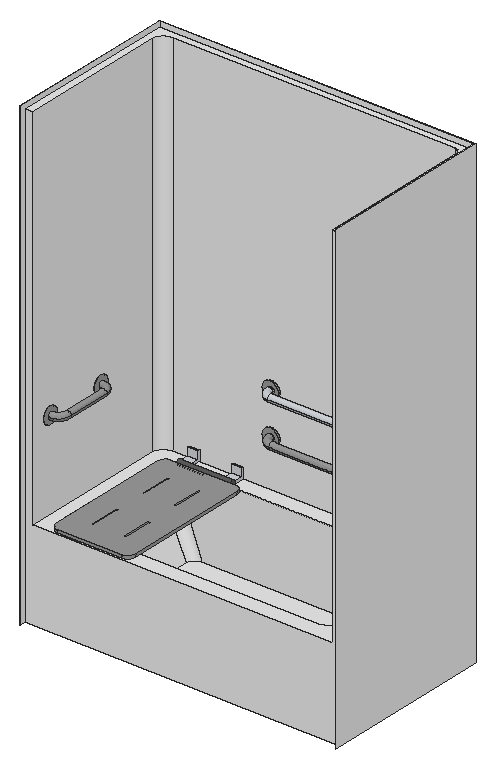
Revit family "XSTS6032A17", category Plumbing Fixtures, Revit 2017
Family settings
  Round Connector Dimension = Use Diameter
  Part Type = Normal
  OmniClass Number = 23.45.05.14.17
  OmniClass Title = Showers
  Work Plane-Based = No
  Always vertical = Yes
  Cut with Voids When Loaded = No
  Shared = No
  Room Calculation Point = No
Parameters (values of type "XSTS6032A17")
  Unit Width = 60"
  Unit Height = 88 1/4"
  URL = "http://www.bestbath.com"
  Type Comments = "ADA Compliant"
  Threshold Height = 17"
  Model = "XSTS6032A17"
  Material [instance] = Best Bath Gelcoat Fiberglass - Smooth
  Manufacturer = "best bath"
  Keynote = "22 40 00.D3"
  Description = "Smooth Wall Finish"
  Assembly Code = "D2010700"
Reference planes (in)
  plane 1 "Back": y = -1
  plane 2: z = 0
  plane 3 "Left": x = 0
  plane 4: x = 60
  plane 5: y = -33
  plane 6: z = 87.25
  plane 7: z = 88.25
  plane 8: x = 52
  plane 9: z = 17
  plane 10: y = -17
  plane 11: y = -2.5
  plane 12: x = 10
  plane 13: x = 53.5
  plane 14: y = -5.5
  plane 15: y = -28
  plane 16: y = -5.5
  plane 17: y = -30
  plane 18: x = 3.5
  plane 19: x = 56
  plane 20: z = 26
  plane 21: z = 34
  plane 22: z = 39
  plane 23: y = -34
Forms (in)
  Extrusion 1, solid, material "Best Bath Gelcoat Fiberglass - Smooth"
    sketch origin (0, 0, 0) x (1, 0, 0) y (0, 1, 0)
      loop
        line (58.5, -33) -> (60, -33) -> (60, -1) -> (0, -1) -> (0, -33) -> (1.5, -33) -> (1.5, -4.75)
        arc (1.5, -4.75) -> (2.15901, -3.15901) -> (3.75, -2.5) r 2.25
        line (3.75, -2.5) -> (57.25, -2.5)
        arc (57.25, -2.5) -> (58.13388, -2.86612) -> (58.5, -3.75) r 1.25
        line (58.5, -3.75) -> (58.5, -33)
    from 0 to 87.25
  Extrusion 2, solid, material "Best Bath Gelcoat Fiberglass - Smooth"
    sketch origin (0, 0, 0) x (1, 0, 0) y (0, 1, 0)
      loop
        line (0, -33) -> (60, -33) -> (60, -1) -> (0, -1) -> (0, -33)
      loop
        circle (52, -17) r 1
    from 0 to 17
  Blend 3, void
    base sketch origin (0, 0, 0) x (1, 0, 0) y (0, 1, 0)
      loop
        arc (11.65, -5.5) -> (10.48327, -5.98327) -> (10, -7.15) r 1.65
        line (10, -7.15) -> (10, -25.75)
        arc (10, -25.75) -> (10.65901, -27.34099) -> (12.25, -28) r 2.25
        line (12.25, -28) -> (51.25, -28)
        arc (51.25, -28) -> (52.84099, -27.34099) -> (53.5, -25.75) r 2.25
        line (53.5, -25.75) -> (53.5, -7.15)
        arc (53.5, -7.15) -> (53.01673, -5.98327) -> (51.85, -5.5) r 1.65
        line (51.85, -5.5) -> (11.65, -5.5)
    top sketch origin (0, 0, 0) x (1, 0, 0) y (0, 1, 0)
      loop
        arc (5.75, -5.5) -> (4.15901, -6.15901) -> (3.5, -7.75) r 2.25
        line (3.5, -7.75) -> (3.5, -27.75)
        arc (3.5, -27.75) -> (4.15901, -29.34099) -> (5.75, -30) r 2.25
        line (5.75, -30) -> (53.75, -30)
        arc (53.75, -30) -> (55.34099, -29.34099) -> (56, -27.75) r 2.25
        line (56, -27.75) -> (56, -7.75)
        arc (56, -7.75) -> (55.34099, -6.15901) -> (53.75, -5.5) r 2.25
        line (53.75, -5.5) -> (5.75, -5.5)
    from 2.23617 to 18
  Extrusion 4, solid, material "Best Bath Gelcoat Fiberglass - Smooth"
    sketch origin (0, 0, 0) x (1, 0, 0) y (0, 1, 0)
      loop
        line (0, -34) -> (0.125, -34) -> (0.125, -1.125) -> (59.875, -1.125) -> (59.875, -34) -> (60, -34) -> (60, -1) -> (0, -1) -> (0, -34)
    from 0 to 88.25
Cuts and joins
  Blend 3 cuts Extrusion 2
  joined: Extrusion 1, Extrusion 2, Extrusion 4
Dimensions and locks (in)
  "Unit Width": plane 3 "Left" to plane 4
  locked: plane 7 to plane 6 at 1
  "Unit Height": plane 7 to level
  plane 3 "Left" to plane 8 to plane 4 = 52", 8"
  plane 10 to plane 1 "Back" = 16"
  locked: plane 13 to plane 4 at 6.5
  locked: plane 15 to plane 5 at 5
  locked: plane 3 "Left" to plane 12 at 10
  Extrusion 1 to plane 14 = 4 1/2"
  locked: plane 16 to plane 1 "Back" at 4.5
  locked: plane 17 to plane 5 at 3
  locked: plane 19 to plane 4 at 4
  locked: plane 3 "Left" to plane 18 at 3.5
  "Threshold Height": plane 9 to level
  plane 20 to plane 9 = 9"
  plane 21 to plane 9 = 17"
  plane 22 to plane 9 = 22"
  locked: plane 5 to plane 23 at 1
  locked: plane 23 to plane 1 "Back" at 33
  locked: plane 11 to plane 1 "Back" at 1.5
  radius of Blend 3 sketch curve = 1.65"  (x2)
  radius of Blend 3 sketch curve = 2 1/4"  (x2)
  aligned and locked: level to plane 2
  aligned and locked: plane 6 to Extrusion 1
  aligned and locked: Extrusion 1 sketch curve to plane 4
  aligned and locked: plane 5 to Extrusion 1 sketch curve
  aligned and locked: Extrusion 1 sketch curve to plane 5
  aligned and locked: Extrusion 2 sketch curve to Extrusion 1  (x3)
  aligned and locked: Extrusion 2 sketch curve to plane 1 "Back"
  aligned and locked: plane 10 to Extrusion 2 sketch curve
  aligned and locked: plane 8 to Extrusion 2 sketch curve
  aligned and locked: plane 15 to Blend 3 sketch curve
  aligned and locked: Blend 3 sketch curve to plane 14
  aligned and locked: Blend 3 sketch curve to plane 13
  aligned and locked: plane 12 to Blend 3 sketch curve
  aligned and locked: plane 18 to Blend 3 sketch curve
  aligned and locked: Blend 3 sketch curve to plane 19
  aligned and locked: plane 17 to Blend 3 sketch curve
  aligned and locked: Blend 3 sketch curve to plane 16
  aligned and locked: plane 9 to cut or joined group of Extrusion 1, Extrusion 2, Blend 3, Extrusion 4
  aligned and locked: nested 1 to plane 21
  aligned and locked: plane 20 to nested 3
  aligned and locked: plane 22 to nested 4
  aligned and locked: cut or joined group of Extrusion 1, Extrusion 2, Blend 3, Extrusion 4 to plane 11
  aligned and locked: cut or joined group of Extrusion 1, Extrusion 2, Blend 3, Extrusion 4 to plane 5
  aligned and locked: cut or joined group of Extrusion 1, Extrusion 2, Blend 3, Extrusion 4 to plane 1 "Back"
  aligned and locked: plane 7 to Extrusion 4
Automatic sketch dimensions
  plane 18 to Blend 3 sketch curve = 2 1/4"  (x2)
  plane 17 to Blend 3 sketch curve = 2 1/4"
  Blend 3 sketch curve to plane 19 = 2 1/4"
  Extrusion 1 sketch curve to plane 3 "Left" = 0"
  Extrusion 1 sketch curve to plane 11 = 0"
  plane 1 "Back" to Extrusion 1 sketch curve = 0"
  plane 3 "Left" to Extrusion 1 sketch curve = 1 1/2"
  Extrusion 1 sketch curve to Extrusion 1 sketch curve = 2 1/4"
  Extrusion 1 sketch curve to plane 8 = 5 1/4"
  plane 4 to Extrusion 1 sketch curve = 1 1/2"
  Extrusion 4 sketch curve to plane 3 "Left" = 0"
  Extrusion 4 sketch curve to plane 23 = 0"  (x2)
  Extrusion 4 sketch curve to plane 4 = 0"
  plane 3 "Left" to Extrusion 4 sketch curve = 1/8"
  Extrusion 4 sketch curve to Extrusion 4 sketch curve = 1/8"
  plane 1 "Back" to Extrusion 4 sketch curve = 1/8"
  plane 1 "Back" to Extrusion 4 sketch curve = 0"
  radius of Extrusion 2 sketch curve = 1"
Nested families (in)
  nested 1: "Grab Bar - L shape" at (58.5, -2.5, -2.97512) x (-1, 0, 0) z (0, 0, 1), type "27" x 36" x 1.25""
    with Double Anchor Bar Length 36"
  nested 2: "Grab Bar - horiz" at (1.5, -29, -0.625) x (0, 1, 0) z (0, 0, 1), type "12" x 1.25""
  nested 3: "Grab Bar - horiz" at (22.5, -2.5, -8.625), type "24" x 1.25""
    with Grab Bar Size 24"
  nested 4: "Grab Bar - vertical" at (58.5, -29, -0.625) x (0, -1, 0) z (0, 0, 1), type "18" x 1.25""
  nested 5: "ADA Shower Seat" at (21.75, -19, -1.125) x (0, -1, 0) z (0, 0, 1), type "SE3015PHSO"
Definition of nested family "Grab Bar - L shape"
  Parameters
    Single Anchor Bar Length = 27"
    Mounting Height = 39"
    URL = "http://seachrome.com/"
    Threshold Height = 2.02488"
    Model = "GB2748QSS"
    Manufacturer = "Seachrome Corp."
    Keynote = "10 28 00.C1"
    Double Anchor Bar Length = 48"
    Description = "27\" x 48\" x 1.25\" L Grab Bar"
    Assembly Code = "C1030200"
  Reference planes (in)
    plane 1 "Center (Front/Back)": y = 0
    plane 2: z = 0
    plane 3 "Center (Left/Right)": x = 0
    plane 4: z = 36.97512
    plane 5: z = -2.02488
    plane 6: y = -2.125
    plane 7: x = 2.125
    plane 8: x = 6
    plane 9: x = 48
    plane 10: y = -27
  Forms (in)
    Extrusion 1, solid
      sketch origin (0, 0, 0) x (1, 0, 0) y (0, 0, 1)
        loop
          circle (6, 36.97512) r 1.5625
        loop
          circle (48, 36.97512) r 1.5625
      from 0 to 0.25
    Extrusion 2, solid
      sketch origin (0, 0, 0) x (0, 1, 0) y (0, 0, 1)
        loop
          circle (-27, 36.97512) r 1.5
      from 0 to 0.25
    Sweep 3, solid
      path origin (0, 0, 0) x (1, 0, 0) y (0, 1, 0)
        loop
          line (0.25, -27) -> (0.625, -27)
          arc (0.625, -27) -> (1.68566, -26.56066) -> (2.125, -25.5) r 1.5
          line (2.125, -25.5) -> (2.125, -3.625)
          arc (2.125, -3.625) -> (2.56434, -2.56434) -> (3.625, -2.125) r 1.5
          line (3.625, -2.125) -> (46.5, -2.125)
          arc (46.5, -2.125) -> (47.56066, -1.68566) -> (48, -0.625) r 1.5
          line (48, -0.625) -> (48, -0.25)
      profile origin (0.4375, -27, 0) x (0, 1, 0) y (0, 0, 1)
        loop
          circle (0, 36.98831) r 0.625
    Sweep 4, solid
      path origin (0, 0, 0) x (1, 0, 0) y (0, 1, 0)
        loop
          line (6, -0.25) -> (6, -2.125)
      profile origin (6, -1.1875, 0) x (1, 0, 0) y (0, 0, 1)
        loop
          circle (0, 36.98831) r 0.62
  Dimensions and locks (in)
    "Threshold Height": level to plane 5
    "Mounting Height": plane 4 to plane 5
    locked: plane 3 "Center (Left/Right)" to plane 7 at 2.125
    locked: plane 3 "Center (Left/Right)" to plane 8 at 6
    locked: plane 6 to plane 1 "Center (Front/Back)" at 2.125
    "Double Anchor Bar Length": plane 3 "Center (Left/Right)" to plane 9
    "Single Anchor Bar Length": plane 10 to plane 1 "Center (Front/Back)"
    plane 4 to plane 5 = 39"
    level to plane 5 = 2.02488"
    aligned and locked: level to plane 2
    aligned and locked: plane 8 to Extrusion 1 sketch curve
    aligned and locked: plane 4 to Extrusion 1 sketch curve
    aligned and locked: plane 9 to Extrusion 1 sketch curve
    aligned and locked: plane 10 to Extrusion 2 sketch curve
    aligned and locked: plane 4 to Extrusion 2 sketch curve
  Automatic sketch dimensions
    Extrusion 1 sketch curve to plane 4 = 0"
    Sweep 3 sketch curve to plane 10 = 0"
    Sweep 3 sketch curve to plane 7 = 0"
    Sweep 3 sketch curve to plane 6 = 0"
    Sweep 3 sketch curve to plane 9 = 0"
    plane 3 "Center (Left/Right)" to Sweep 3 sketch curve = 5/8"
    Sweep 3 sketch curve to plane 6 = 1 1/2"
    plane 1 "Center (Front/Back)" to Sweep 3 sketch curve = 5/8"
    plane 3 "Center (Left/Right)" to Sweep 3 sketch curve = 1/4"
    plane 1 "Center (Front/Back)" to Sweep 3 sketch curve = 1/4"
    Sweep 3 sketch curve to profile plane = 0"
    level to Sweep 3 sketch curve = 36.98831"
    Sweep 4 sketch curve to plane 6 = 0"
    Sweep 4 sketch curve to plane 8 = 0"
    plane 1 "Center (Front/Back)" to Sweep 4 sketch curve = 1/4"
    profile plane to Sweep 4 sketch curve = 0"
    level to Sweep 4 sketch curve = 36.98831"
    radius of Extrusion 1 sketch curve = 1 9/16"  (x2)
    radius of Extrusion 2 sketch curve = 1 1/2"
    radius of Sweep 3 sketch curve = 5/8"
    radius of Sweep 4 sketch curve = 0.62"
Definition of nested family "Grab Bar - horiz"
  Parameters
    Grab Bar Size = 12"
    URL = "http://seachrome.com/"
    Threshold Height = 5/8"
    Mounting Height = 34"
    Model = "GB12QSS"
    Manufacturer = "Seachrome Corp."
    Keynote = "10 28 00.C1"
    Description = "18\" x 1.25\" grab bar"
    Assembly Code = "C1030200"
  Reference planes (in)
    plane 1 "Center (Front/Back)": y = 0
    plane 2: z = 0
    plane 3 "Center (Left/Right)": x = 0
    plane 4: z = 34.625
    plane 5: z = 0.625
    plane 6: x = 12
  Forms (in)
    Extrusion 1, solid
      sketch origin (0, 0, 0) x (1, 0, 0) y (0, 0, 1)
        loop
          circle (0, 34.625) r 1.5625
        loop
          circle (12, 34.625) r 1.5625
      from 0 to 0.25
    Sweep 2, solid
      path origin (0, 0, 0) x (1, 0, 0) y (0, 1, 0)
        loop
          line (0, -0.25) -> (0, -0.375)
          arc (0, -0.375) -> (0.51256, -1.61244) -> (1.75, -2.125) r 1.75
          line (1.75, -2.125) -> (10.25, -2.125)
          arc (10.25, -2.125) -> (11.48744, -1.61244) -> (12, -0.375) r 1.75
          line (12, -0.375) -> (12, -0.25)
      profile origin (6, -2.125, 0) x (0, 1, 0) y (0, 0, 1)
        loop
          circle (0, 34.625) r 0.625
  Dimensions and locks (in)
    "Threshold Height": plane 5 to level
    "Mounting Height": plane 4 to plane 5
    "Grab Bar Size": plane 6 to plane 3 "Center (Left/Right)"
    Sweep 2 sketch curve to plane 1 "Center (Front/Back)" = 2 1/8"
    aligned and locked: level to plane 2
  Automatic sketch dimensions
    Extrusion 1 sketch curve to plane 3 "Center (Left/Right)" = 0"
    Extrusion 1 sketch curve to plane 4 = 0"  (x2)
    Extrusion 1 sketch curve to plane 6 = 0"
    Sweep 2 sketch curve to plane 3 "Center (Left/Right)" = 0"
    plane 1 "Center (Front/Back)" to Sweep 2 sketch curve = 3/8"
    Sweep 2 sketch curve to plane 6 = 0"
    Sweep 2 sketch curve to plane 6 = 1 3/4"
    Sweep 2 sketch curve to Sweep 2 sketch curve = 1/8"  (x2)
    Sweep 2 sketch curve to profile plane = 0"
    level to Sweep 2 sketch curve = 34 5/8"
    radius of Extrusion 1 sketch curve = 1 9/16"  (x2)
    radius of Sweep 2 sketch curve = 5/8"
Definition of nested family "Grab Bar - vertical"
  Parameters
    Wall Clearance = 2 1/8"
    Mounting Height = 39"
    Grab Bar Size = 18"
    URL = "http://seachrome.com/"
    Threshold Height = 5/8"
    Model = "GB18QSS"
    Manufacturer = "Seachrome Corp."
    Keynote = "10 28 00.C1"
    Description = "18\" x 1.25\" grab bar"
    Assembly Code = "C1030200"
  Reference planes (in)
    plane 1 "Center (Front/Back)": y = 0
    plane 2: z = 0
    plane 3 "Center (Left/Right)": x = 0
    plane 4: z = 39.625
    plane 5: z = 57.625
    plane 6: z = 0.625
  Forms (in)
    Sweep 1, solid
      path origin (0, 0, 0) x (0, 1, 0) y (0, 0, 1)
        loop
          line (-0.25, 39.625) -> (-0.375, 39.625)
          arc (-0.375, 39.625) -> (-1.61244, 40.13756) -> (-2.125, 41.375) r 1.75
          line (-2.125, 41.375) -> (-2.125, 55.875)
          arc (-2.125, 55.875) -> (-1.61244, 57.11244) -> (-0.375, 57.625) r 1.75
          line (-0.375, 57.625) -> (-0.25, 57.625)
      profile origin (0, -0.3125, 39.625) x (0, 0, -1) y (1, 0, 0)
        loop
          circle (0, 0) r 0.625
    Extrusion 2, solid
      sketch origin (0, 0, 0) x (1, 0, 0) y (0, 0, 1)
        loop
          circle (0, 39.625) r 1.5625
        loop
          circle (0, 57.625) r 1.5625
      from 0 to 0.25
  Dimensions and locks (in)
    "Grab Bar Size": plane 5 to plane 4
    Extrusion 2 to Sweep 1 sketch curve = 1 7/8"
    "Threshold Height": plane 6 to level
    "Mounting Height": plane 4 to plane 6
    aligned and locked: level to plane 2
    aligned and locked: plane 5 to Sweep 1 sketch curve
    aligned and locked: Sweep 1 sketch curve to plane 4
  Automatic sketch dimensions
    Sweep 1 sketch curve to plane 3 "Center (Left/Right)" = 0"
    Sweep 1 sketch curve to profile plane = 0"
    Extrusion 2 sketch curve to plane 3 "Center (Left/Right)" = 0"  (x2)
    Extrusion 2 sketch curve to plane 4 = 0"
    Extrusion 2 sketch curve to plane 5 = 0"
    Sweep 1 sketch curve to plane 5 = 1 3/4"
    plane 1 "Center (Front/Back)" to Sweep 1 sketch curve = 1/4"
    Sweep 1 sketch curve to Sweep 1 sketch curve = 1/8"
    Sweep 1 sketch curve to plane 5 = 0"
    plane 4 to Sweep 1 sketch curve = 1 3/4"
    radius of Sweep 1 sketch curve = 5/8"
    radius of Extrusion 2 sketch curve = 1 9/16"  (x2)
Definition of nested family "ADA Shower Seat"
  Parameters
    URL = "http://seachrome.com/"
    Seat Width = 27"
    Seat Height = 18"
    Seat Depth = 15"
    Model = "SE3015PHSO"
    Manufacturer = "Seachrome"
    Keynote = "22 40 00.B7"
    Description = "32\" x 16\" fold down seat with swing-down legs, phenolic"
    Assembly Code = "C1030200"
  Reference planes (in)
    plane 1 "Center (Front/Back)": y = 0
    plane 2: z = 0
    plane 3 "Center (Left/Right)": x = 0
    plane 4: x = 13.5
    plane 5: x = -13.5
    plane 6: y = -2.25
    plane 7: y = -17.25
    plane 8: z = 18.125
    plane 9: z = 18.625
    plane 10: y = -9.75
    plane 11: x = 12.5
    plane 12: x = -12.5
    plane 13: z = 3.125
    plane 14: x = -8.75
    plane 15: x = 8.75
    plane 16: z = 14.875
    plane 17: y = -14.875
    plane 18: y = -4.625
    plane 19: z = 0.625
    plane 20: x = -3.25
    plane 21: x = 3.25
  Forms (in)
    Extrusion 1, solid
      sketch origin (0, 0, 0) x (1, 0, 0) y (0, 1, 0)
        loop
          line (12, -2.25) -> (-12, -2.25)
          arc (-12, -2.25) -> (-13.06066, -2.68934) -> (-13.5, -3.75) r 1.5
          line (-13.5, -3.75) -> (-13.5, -15.75)
          arc (-13.5, -15.75) -> (-13.06066, -16.81066) -> (-12, -17.25) r 1.5
          line (-12, -17.25) -> (12, -17.25)
          arc (12, -17.25) -> (13.06066, -16.81066) -> (13.5, -15.75) r 1.5
          line (13.5, -15.75) -> (13.5, -3.75)
          arc (13.5, -3.75) -> (13.06066, -2.68934) -> (12, -2.25) r 1.5
        loop
          line (3.25, -12.5968) -> (3.25, -12.92762) -> (8.75, -12.92762) -> (8.75, -12.5968) -> (3.25, -12.5968)
        loop
          line (-3.25, -12.5968) -> (-8.75, -12.5968) -> (-8.75, -12.92762) -> (-3.25, -12.92762) -> (-3.25, -12.5968)
        loop
          line (3.25, -6.93984) -> (8.75, -6.93984) -> (8.75, -6.60902) -> (3.25, -6.60902) -> (3.25, -6.93984)
        loop
          line (-3.25, -6.93984) -> (-3.25, -6.60902) -> (-8.75, -6.60902) -> (-8.75, -6.93984) -> (-3.25, -6.93984)
      from 18.125 to 18.625
    Extrusion 2, solid
      sketch origin (0, 0, 0) x (1, 0, 0) y (0, 0, 1)
        loop
          circle (-14.05099, 18.375) r 0.5
      from 4.625 to 14.875
    Extrusion 3, solid
      sketch origin (0, 0, 0) x (1, 0, 0) y (0, 0, 1)
        loop
          line (-14.55262, 18.125) -> (-14.55262, 18.625) -> (-16.05262, 18.625) -> (-16.05262, 20.125) -> (-16.55262, 20.125) -> (-16.55262, 18.125) -> (-14.55262, 18.125)
      from 4.625 to 14.875
    Extrusion 4, void
      sketch origin (0, 0, 0) x (1, 0, 0) y (0, 0, 1)
        loop
          line (-18.81546, 20.96567) -> (-18.81546, 16.96567) -> (-14.55262, 16.96567) -> (-14.55262, 20.96567) -> (-18.81546, 20.96567)
      from 6.48402 to 12.92762
  Cuts and joins
    Extrusion 4 cuts Extrusion 3
  Dimensions and locks (in)
    equal spacing: plane 5, plane 3 "Center (Left/Right)", plane 4
    "Seat Width": plane 5 to plane 4
    "Seat Depth": plane 7 to plane 6
    plane 6 to plane 1 "Center (Front/Back)" = 2 1/4"
    locked: plane 9 to plane 8 at 0.5
    equal spacing: plane 7, plane 10, plane 6
    equal spacing: plane 11, plane 3 "Center (Left/Right)", plane 12
    equal spacing: plane 14, plane 3 "Center (Left/Right)", plane 15
    locked: plane 19 to level at 0.625
    "Seat Height": plane 9 to plane 19
    plane 18 to plane 17 = 10 1/4"
    equal spacing: plane 18, plane 10, plane 17
    plane 14 to plane 20 = 5 1/2"
    plane 21 to plane 15 = 5 1/2"
    aligned and locked: plane 2 to level
    aligned and locked: Extrusion 1 sketch curve to plane 6
    aligned and locked: plane 4 to Extrusion 1 sketch curve
    aligned and locked: plane 9 to Extrusion 1
    aligned and locked: Extrusion 1 to plane 8
    aligned and locked: Extrusion 2 to plane 17
    aligned and locked: plane 18 to Extrusion 2
    aligned and locked: Extrusion 1 sketch curve to plane 14
    aligned and locked: plane 14 to Extrusion 1 sketch curve
    aligned and locked: Extrusion 1 sketch curve to plane 15
    aligned and locked: Extrusion 1 sketch curve to plane 20
    aligned and locked: plane 20 to Extrusion 1 sketch curve
    aligned and locked: Extrusion 1 sketch curve to plane 21
    aligned and locked: plane 21 to Extrusion 1 sketch curve
    aligned and locked: Extrusion 3 to Extrusion 2
    aligned and locked: Extrusion 2 to Extrusion 3
  Automatic sketch dimensions
    plane 8 to Extrusion 2 sketch curve = 1/4"
    Extrusion 2 sketch curve to plane 5 = 0.55099"
    Extrusion 3 sketch curve to plane 8 = 0"
    Extrusion 3 sketch curve to plane 9 = 0"
    Extrusion 3 sketch curve to plane 5 = 2.55262"
    Extrusion 3 sketch curve to plane 5 = 1.05262"
    Extrusion 3 sketch curve to Extrusion 3 sketch curve = 1 1/2"
    Extrusion 3 sketch curve to Extrusion 3 sketch curve = 1/2"
    Extrusion 4 sketch curve to plane 8 = 1.15933"
    Extrusion 4 sketch curve to plane 5 = 5.31546"
    Extrusion 4 sketch curve to plane 5 = 1.05262"
    plane 9 to Extrusion 4 sketch curve = 2.34067"
    Extrusion 1 sketch curve to plane 5 = 0"
    plane 7 to Extrusion 1 sketch curve = 0"
    Extrusion 1 sketch curve to plane 15 = 0"
    plane 12 to Extrusion 1 sketch curve = 1/2"  (x2)
    Extrusion 1 sketch curve to plane 11 = 1/2"  (x2)
    Extrusion 1 sketch curve to Extrusion 1 sketch curve = 0.33082"  (x4)
    Extrusion 1 sketch curve to plane 18 = 2.31484"  (x2)
    plane 17 to Extrusion 1 sketch curve = 1.94738"  (x2)
    radius of Extrusion 2 sketch curve = 1/2"
